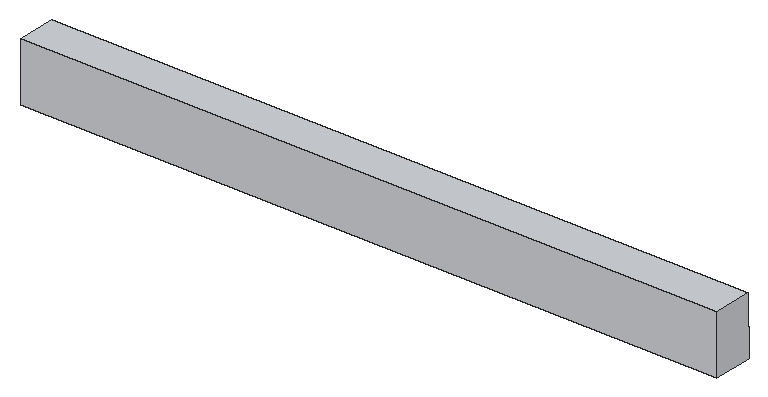
Revit family "1265_ TUPEX ELECTRIC_HL", category Lighting Fixtures, Revit 2016
Family settings
  Part Type = Normal
  Round Connector Dimension = Use Diameter
  Work Plane-Based = No
  Always vertical = Yes
  Cut with Voids When Loaded = No
  Light Source = Yes
  Shared = No
  Room Calculation Point = Yes
Parameters
  Wattage = 9.2903 W
  Volts = 220 V
  built-in parameter 1150110 = 1 (stored number, unit not read)
  built-in parameter 1114217 = 1 (stored number, unit not read)
  Tilt Angle = 60.00°
  built-in parameter 1150109 = 1 (stored number, unit not read)
  built-in parameter 1150134 = 3
  built-in parameter 1150113 = 1 (stored number, unit not read)
  Photometric Web File = "1265.IES"
  built-in parameter 1150105 = 109.82 (stored number, unit not read)
  Lumens = 1380 lm
  built-in parameter 1150115 = 1 (stored number, unit not read)
  built-in parameter 1150137 = (empty or 0)
  built-in parameter 1150139 = (empty or 0)
  built-in parameter 1150112 = 1 (stored number, unit not read)
  built-in parameter 1150114 = 1 (stored number, unit not read)
  built-in parameter 1150132 = (empty or 0)
  built-in parameter 1150102 = (empty or 0)
  built-in parameter 1150107 = 3200 (stored number, unit not read)
  built-in parameter 1150138 = (empty or 0)
  built-in parameter 1150106 = 1.0982 (stored number, unit not read)
  Emit from Line Length = 609.6 mm
  built-in parameter 1150104 = 13.8 (stored number, unit not read)
  Dimming Lamp Color Temperature Shift = (empty or 0)
  Color Filter = 16777215
  built-in parameter 1114218 = 1 (stored number, unit not read)
  built-in parameter 1150133 = 10 (stored number, unit not read)
Reference planes
  plane 1 "Center (Front/Back)": y = 0
  plane 2: z = 0
  plane 3 "Center (Left/Right)": x = 0
  plane 4: x = 1185
  plane 5: y = 66
  plane 6: z = -100
Forms (mm)
  Extrusion 1, solid
    sketch origin (0, 0, 0) x (1, 0, 0) y (0, 0, 1)
      loop
        line (0, 0) -> (0, -100) -> (1185, -100) -> (1185, 0) -> (0, 0)
    from -66 to 0
Lines and regions (mm)
  reference lines
    curve 1: line (0, 0, 0) -> (1185, 0, 0)
Dimensions and locks
  aligned and locked: plane 2 to level
Connectors
  electrical at (592.5, 33, 0), driven by "Volts"
    settings: on Extrusion 1, index 1, voltage 220 V, apparent load 0 VA, apparent load phase1 38 VA, apparent load phase2 0 VA, apparent load phase3 0 VA, power factor 1, load classification "Other", number of poles 1, system type 31, power factor state 1, is connector primary yes, connector utility no, sub classification motor no, connector description ""
